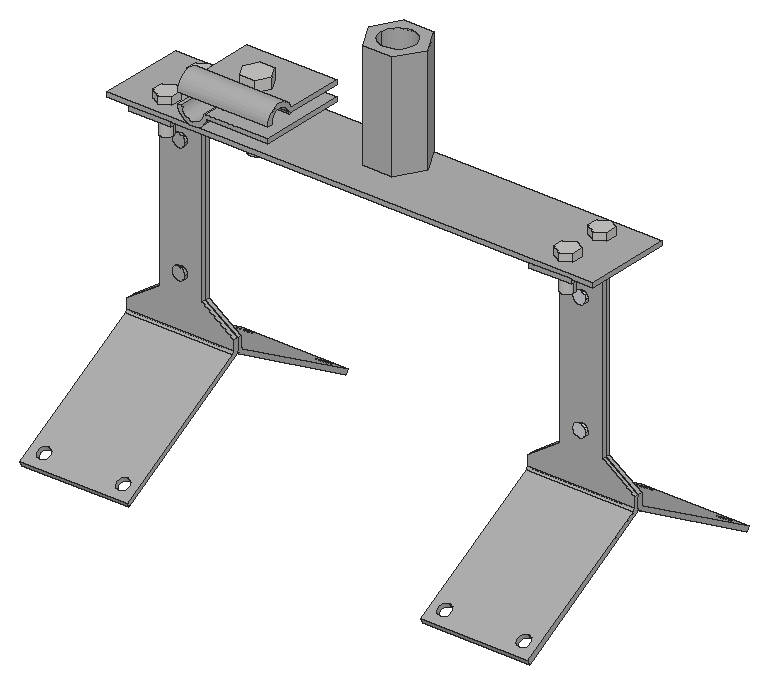
Revit family "DF_ДержательДляКонька_Молниеприемник_70865_EZETEK", category Соединительные детали воздуховодов, Revit 2017
Family settings
  Размер круглого соединителя = Использовать радиус
  Тип детали = Соединение
  На основе рабочей плоскости = Нет
  Всегда вертикально = Да
  При загрузке вырезать с полостями = Нет
  Общий = Нет
Parameters (values of type "ДержательДляКонька_Молниеприемник_70865")
  Угол = 0.00°  # constant formula
  СфераОшибки [instance] = or(ADSK_Размер_Радиус > 8.0 mm, ADSK_Размер_Радиус < 8.0 mm)  # no
  Предупреждение [instance] = if(СфераОшибки, "Допустимый диаметр стержней: 8", "")  # ""
  Описание = "Держатель применяется для установки молниеприемника длиной до 2 м на простом коньке скатной кровли. Держатель закрепляется на кровле при помощи двух скоб для конька. Для установки молниеприемника держатель имеет втулку с внутренней резьбой М16."  # constant formula
  Производитель_Контакты = "ezetek@ezetek.ru"  # constant formula
  built-in parameter 1114242 [instance] = 1 = 0  # (empty or 0)
  Изготовитель = "Ezetek"  # constant formula
  URL = "https://ezetek.ru/"
  R_Error [instance] = 1.0 mm  # constant formula
  R [instance] = if(ADSK_Размер_Радиус > 8.0 mm, 8.0 mm, if(ADSK_Размер_Радиус < 8.0 mm, 8.0 mm, R_Error))  # 1.0 mm
  ADSK_Этаж [instance] = ""
  ADSK_Размер_Радиус [instance] = 8.0 mm
  ADSK_Размер_Диаметр [instance] = ADSK_Размер_Радиус * 2  # 16.0 mm
  ADSK_Примечание [instance] = "Неспецифицируемое"  # constant formula
  ADSK_Позиция [instance] = "Неспецифицируемое"  # constant formula
  ADSK_Обозначение = "Неспецифицируемое"  # constant formula
  ADSK_Наименование краткое [instance] = "Неспецифицируемое"  # constant formula
  ADSK_Наименование = "Неспецифицируемое"  # constant formula
  ADSK_Материал = BIMLIB_Сталь_Оцинкованная_EZETEK
  ADSK_Масса_Текст = "Неспецифицируемое"  # constant formula
  ADSK_Масса = 0  # constant formula
  ADSK_Марка = "Неспецифицируемое"  # constant formula
  ADSK_Количество = 0  # constant formula
  ADSK_Код изделия = "Неспецифицируемое"  # constant formula
  ADSK_Завод-изготовитель = "Неспецифицируемое"  # constant formula
  ADSK_Единица измерения = "Неспецифицируемое"  # constant formula
  ADSK_Группирование [instance] = ""
  ADSK_Версия Revit = "2017"  # constant formula
Reference planes
  plane 1 "По центру (Вперед/Назад)": y = 0
  plane 2: z = 0
  plane 3 "По центру (Влево/Вправо)": x = 0
  plane 4 "M": y = 0
Forms (mm)
  Revolve 1, solid, visible <- "СфераОшибки"
    sketch origin (0, 0, 0) x (1, 0, 0) y (0, 1, 0)
      loop
        arc (1, 0) -> (0, 1) -> (-1, 0) r 1
        line (-1, 0) -> (1, 0)
      axis (1, 0) -> (-1, 0)
    angle from 0 to 360
Lines and regions (mm)
  reference lines
    curve 1: line (-1, 0, 0) -> (1, 0, 0)
Dimensions and locks
  "R_Error": radius of Revolve 1 sketch curve
  aligned and locked: level to plane 2
  aligned and locked: plane 1 "По центру (Вперед/Назад)" to Revolve 1 sketch curve  (x2)
  aligned and locked: Revolve 1 sketch curve to plane 4 "M"
Automatic sketch dimensions
  curve 1 to plane 3 "По центру (Влево/Вправо)" = 1.0 mm
  curve 1 to plane 1 "По центру (Вперед/Назад)" = 0.0 mm
  plane 3 "По центру (Влево/Вправо)" to curve 1 = 1.0 mm
  Revolve 1 sketch curve to plane 3 "По центру (Влево/Вправо)" = 0.0 mm
  Revolve 1 sketch curve to Revolve 1 sketch curve = 0.294 mm
  Revolve 1 sketch curve to Revolve 1 sketch curve = 5.119 mm
Nested families
  nested 1: "FA_ДержательДляКонька_Молниеприемник_70865_EZETEK.rfa" at (60, 13.002, -10.312), ADSK_Группирование <- "ADSK_Группирование", ADSK_Этаж <- "ADSK_Этаж", type "ДержательДляКонька_Молниеприемник_70865", detail levels medium+fine
    with Использовать масштаб аннотаций 0, ADSK_Этаж "", ADSK_Примечание "", ADSK_Позиция "", ADSK_Наименование краткое "Держатель молниеприемника", ADSK_Группирование ""
Connectors
  hvac at (-1, 0, 0), driven by "ADSK_Размер_Радиус", driven by "Угол"
    settings: on curve 1, index 1, duct flow 0.0 L/s, flow factor 0, pres drop 0.0 Pa, loss coef 0, conn angle 0.00°, conn width 304.8 mm, conn height 304.8 mm, conn diameter 16 mm, duct sys type 1, conn prof type 0, flow config 0, flow direction 0, loss method 0, conn ref index 2, conn util no, is conn primary yes, conn desc ""
  hvac at (1, 0, 0), driven by "ADSK_Размер_Радиус", driven by "Угол"
    settings: on curve 1, index 2, duct flow 0.0 L/s, flow factor 0, pres drop 0.0 Pa, loss coef 0, conn angle 0.00°, conn width 304.8 mm, conn height 304.8 mm, conn diameter 16 mm, duct sys type 1, conn prof type 0, flow config 0, flow direction 0, loss method 0, conn ref index 1, conn util no, is conn primary no, conn desc ""
Definition of nested family "FA_ДержательДляКонька_Молниеприемник_70865_EZETEK.rfa"
  Parameters (values of type "ДержательДляКонька_Молниеприемник_70865")
    Производитель_Контакты = "ezetek@ezetek.ru"  # constant formula
    Description = "Держатель применяется для установки молниеприемника длиной до 2 м на простом коньке скатной кровли. Держатель закрепляется на кровле при помощи двух скоб для конька. Для установки молниеприемника держатель имеет втулку с внутренней резьбой М16."  # constant formula
    Использовать масштаб аннотаций [instance] = 1 = 0  # 0
    Manufacturer = "Ezetek"  # constant formula
    URL = "https://ezetek.ru/"
    ADSK_Этаж [instance] = ""
    ADSK_Примечание [instance] = ""
    ADSK_Позиция [instance] = ""
    ADSK_Обозначение = "70865"
    ADSK_Наименование краткое [instance] = "Держатель молниеприемника"
    ADSK_Наименование = "Держатель молниеприемника 16 мм для конька, оцинк."
    ADSK_Материал = none
    ADSK_Масса_Текст = "0.87"  # constant formula
    ADSK_Масса = 0.87  # constant formula
    ADSK_Марка = "70865"
    ADSK_Количество = 1  # constant formula
    ADSK_Код изделия = "70865"
    ADSK_Завод-изготовитель = "Ezetek"  # constant formula
    ADSK_Единица измерения = "шт."  # constant formula
    ADSK_Группирование [instance] = ""
    ADSK_Версия Revit = "2017"  # constant formula
  Reference planes
    plane 1 "По центру (Вперед/Назад)": y = 0
    plane 2: z = 0
    plane 3 "По центру (Влево/Вправо)": x = 0
    plane 4: x = -118.523
    plane 5: x = 118.523
    plane 6: z = -138.8
    plane 7: y = 64.339
    plane 8: y = -62.386
    plane 9: z = -2
    plane 10: z = 50
    plane 11: y = 20
    plane 12: y = -20
    plane 13: x = -59.437
    plane 14: x = -59.262
    plane 15: x = -111.989
    plane 16: x = -74.989
    plane 17: x = -93.528
    plane 18: y = 10
    plane 19: y = -10
  Forms (mm)
    Extrusion 1, solid, material <- "ADSK_Материал", detail levels medium+fine
      sketch origin (0, 0, 0) x (1, 0, 0) y (0, 1, 0)
        loop
          line (-113.523, 20) -> (-113.523, -20) -> (113.523, -20) -> (113.523, 20) -> (-113.523, 20)
      from 0 to -2
    Extrusion 2, solid, detail levels medium+fine
      sketch origin (-59.34, 0, 0) x (1, 0, 0) y (0, 1, 0)
        loop
          circle (0.078, 0) r 4.007
      from 11.994 to -14.474
    Extrusion 3, solid, material <- "ADSK_Материал", detail levels medium+fine
      sketch origin (-59.34, 0, 9.5) x (1, 0, 0) y (0, 0, 1)
        loop
          arc (-8.042, -2.5) -> (-8.717, -2.746) -> (-9.076, -3.367) r 1.049
          arc (-9.076, -3.367) -> (-14.435, -7.481) -> (-19, -2.5) r 5
          line (-19, -2.5) -> (-21, -2.5)
          arc (-21, -2.5) -> (-15.236, -9.39) -> (-7.437, -4.934) r 7
          arc (-7.437, -4.934) -> (-7.193, -4.619) -> (-6.813, -4.5) r 0.665
          line (-6.813, -4.5) -> (21.078, -4.5) -> (21.078, -2.5) -> (-8.042, -2.5)
      from 20.103 to -20
    Extrusion 4, solid, material <- "ADSK_Материал", detail levels medium+fine
      sketch origin (-59.34, 0, 9.5) x (0, 1, 0) y (0, 0, 1)
        loop
          line (-7.042, 2.494) -> (20, 2.494) -> (20, 4.494) -> (-5.813, 4.494)
          arc (-5.813, 4.494) -> (-6.193, 4.613) -> (-6.437, 4.928) r 0.665
          arc (-6.437, 4.928) -> (-14.236, 9.384) -> (-20, 2.494) r 7
          line (-20, 2.494) -> (-18, 2.494)
          arc (-18, 2.494) -> (-13.435, 7.475) -> (-8.076, 3.362) r 5
          arc (-8.076, 3.362) -> (-7.717, 2.74) -> (-7.042, 2.494) r 1.049
      from 21 to -21
    Extrusion 5, solid, detail levels medium+fine
      sketch origin (-7.34, 0, 10.994) x (1, 0, 0) y (0, 1, 0)
        loop
          line (-55.454, 5.982) -> (-58.907, 0) -> (-55.454, -5.982) -> (-48.468, -5.982) -> (-45.015, 0) -> (-48.468, 5.982) -> (-55.454, 5.982)
      from 3 to 8
    Extrusion 6, solid, detail levels medium+fine
      sketch origin (-7.34, 0, -3) x (1, 0, 0) y (0, 1, 0)
        loop
          line (-55.454, 5.982) -> (-58.907, 0) -> (-55.454, -5.982) -> (-48.468, -5.982) -> (-45.015, 0) -> (-48.468, 5.982) -> (-55.454, 5.982)
      from 3 to 8
    Extrusion 7, solid, material <- "ADSK_Материал", detail levels medium+fine
      sketch origin (0, 0, 0) x (1, 0, 0) y (0, 1, 0)
        loop
          circle (0, 7.999) r 8
        loop
          line (-6.929, 20) -> (-13.858, 7.999) -> (-6.929, -4.003) -> (6.929, -4.003) -> (13.858, 7.999) -> (6.929, 20) -> (-6.929, 20)
      from 50 to 0
    Extrusion 8, solid, detail levels medium+fine
      sketch origin (-7.34, 0, -10) x (1, 0, 0) y (0, 1, 0)
        loop
          line (-55.454, 5.982) -> (-58.907, 0) -> (-55.454, -5.982) -> (-48.468, -5.982) -> (-45.015, 0) -> (-48.468, 5.982) -> (-55.454, 5.982)
      from 3 to 8
    Extrusion 9, solid, material <- "ADSK_Материал", detail levels medium+fine
      sketch origin (0, 0, 0) x (0, 1, 0) y (0, 0, 1)
        loop
          line (20, -2) -> (3, -2)
          arc (3, -2) -> (0.879, -2.879) -> (0, -5) r 3
          line (0, -5) -> (0, -100.499)
          arc (0, -100.499) -> (0.402, -101.999) -> (1.5, -103.097) r 3
          line (1.5, -103.097) -> (63.339, -138.8) -> (64.339, -137.068) -> (2.755, -101.513)
          arc (2.755, -101.513) -> (2.202, -100.96) -> (2, -100.204) r 1.51
          line (2, -100.204) -> (2, -5.5)
          arc (2, -5.5) -> (2.439, -4.439) -> (3.5, -4) r 1.5
          line (3.5, -4) -> (20, -4) -> (20, -2)
      from -68.533 to -118.523
    Extrusion 10, solid, material <- "ADSK_Материал", detail levels medium+fine
      sketch origin (0, 0, 0) x (0, -1, 0) y (0, 0, -1)
        loop
          line (20, 2) -> (20, 4) -> (3.5, 4)
          arc (3.5, 4) -> (2.439, 4.439) -> (2, 5.5) r 1.5
          line (2, 5.5) -> (2, 100.204)
          arc (2, 100.204) -> (2.202, 100.96) -> (2.755, 101.513) r 1.51
          line (2.755, 101.513) -> (64.339, 137.068) -> (63.339, 138.8) -> (1.5, 103.097)
          arc (1.5, 103.097) -> (0.402, 101.999) -> (0, 100.499) r 3
          line (0, 100.499) -> (0, 5)
          arc (0, 5) -> (0.879, 2.879) -> (3, 2) r 3
          line (3, 2) -> (20, 2)
      from -68.533 to -118.523
    Extrusion 11, solid, material <- "ADSK_Материал", detail levels medium+fine
      sketch origin (0, 0, 0) x (0, 1, 0) y (0, 0, -1)
        loop
          line (20, 2) -> (20, 4) -> (3.5, 4)
          arc (3.5, 4) -> (2.439, 4.439) -> (2, 5.5) r 1.5
          line (2, 5.5) -> (2, 100.204)
          arc (2, 100.204) -> (2.202, 100.96) -> (2.755, 101.513) r 1.51
          line (2.755, 101.513) -> (64.339, 137.068) -> (63.339, 138.8) -> (1.5, 103.097)
          arc (1.5, 103.097) -> (0.402, 101.999) -> (0, 100.499) r 3
          line (0, 100.499) -> (0, 5)
          arc (0, 5) -> (0.879, 2.879) -> (3, 2) r 3
          line (3, 2) -> (20, 2)
      from -68.533 to -118.523
    Extrusion 12, solid, material <- "ADSK_Материал", detail levels medium+fine
      sketch origin (0, 0, 0) x (0, -1, 0) y (0, 0, 1)
        loop
          line (20, -2) -> (3, -2)
          arc (3, -2) -> (0.879, -2.879) -> (0, -5) r 3
          line (0, -5) -> (0, -100.499)
          arc (0, -100.499) -> (0.402, -101.999) -> (1.5, -103.097) r 3
          line (1.5, -103.097) -> (63.339, -138.8) -> (64.339, -137.068) -> (2.755, -101.513)
          arc (2.755, -101.513) -> (2.202, -100.96) -> (2, -100.204) r 1.51
          line (2, -100.204) -> (2, -5.5)
          arc (2, -5.5) -> (2.439, -4.439) -> (3.5, -4) r 1.5
          line (3.5, -4) -> (20, -4) -> (20, -2)
      from -68.533 to -118.523
    Extrusion 13, void, detail levels fine
      sketch origin (0, 0, 0) x (1, 0, 0) y (0, 0, 1)
        loop
          line (-103.429, -85.173) -> (-103.429, -2) -> (-118.523, -2) -> (-118.523, -95.743) -> (-103.429, -85.173)
        loop
          line (-83.627, -85.173) -> (-68.533, -95.743) -> (-68.533, -2) -> (-83.627, -2) -> (-83.627, -85.173)
        loop
          line (103.429, -85.173) -> (118.523, -95.743) -> (118.523, -2) -> (103.429, -2) -> (103.429, -85.173)
        loop
          line (83.627, -85.173) -> (83.627, -2) -> (68.533, -2) -> (68.533, -95.743) -> (83.627, -85.173)
      from 20 to -20
    Extrusion 14, solid, detail levels medium+fine
      sketch origin (-93.606, 9.182, 0) x (1, 0, 0) y (0, 1, 0)
        loop
          circle (0.078, 0.818) r 3
        loop
          circle (0.078, -19.182) r 3
        loop
          circle (187.134, 0.818) r 3
        loop
          circle (187.134, -19.182) r 3
      from -4 to -14.474
    Extrusion 15, solid, detail levels medium+fine
      sketch origin (-41.567, 9.171, -14.006) x (1, 0, 0) y (0, 1, 0)
        loop
          line (-51.961, 6.031) -> (-56.466, 3.43) -> (-56.466, -1.772) -> (-51.961, -4.373) -> (-47.456, -1.772) -> (-47.456, 3.43) -> (-51.961, 6.031)
      from 17.549 to 14.006
    Extrusion 16, solid, detail levels medium+fine
      sketch origin (-41.567, -10.829, -14.006) x (1, 0, 0) y (0, 1, 0)
        loop
          line (-51.961, 6.031) -> (-56.466, 3.43) -> (-56.466, -1.772) -> (-51.961, -4.373) -> (-47.456, -1.772) -> (-47.456, 3.43) -> (-51.961, 6.031)
      from 17.549 to 14.006
    Extrusion 17, solid, detail levels medium+fine
      sketch origin (41.567, 9.171, -14.006) x (-1, 0, 0) y (0, -1, 0)
        loop
          line (-51.961, -6.031) -> (-47.456, -3.43) -> (-47.456, 1.772) -> (-51.961, 4.373) -> (-56.466, 1.772) -> (-56.466, -3.43) -> (-51.961, -6.031)
      from 17.549 to 14.006
    Extrusion 18, solid, detail levels medium+fine
      sketch origin (41.567, -10.829, -14.006) x (-1, 0, 0) y (0, -1, 0)
        loop
          line (-51.961, -6.031) -> (-47.456, -3.43) -> (-47.456, 1.772) -> (-51.961, 4.373) -> (-56.466, 1.772) -> (-56.466, -3.43) -> (-51.961, -6.031)
      from 17.549 to 14.006
    Extrusion 19, solid, detail levels medium+fine
      sketch origin (-41.567, 9.171, -21.549) x (1, 0, 0) y (0, 1, 0)
        loop
          line (-51.961, 6.031) -> (-56.466, 3.43) -> (-56.466, -1.772) -> (-51.961, -4.373) -> (-47.456, -1.772) -> (-47.456, 3.43) -> (-51.961, 6.031)
      from 17.549 to 14.006
    Extrusion 20, solid, detail levels medium+fine
      sketch origin (-41.567, -10.829, -21.549) x (1, 0, 0) y (0, 1, 0)
        loop
          line (-51.961, 6.031) -> (-56.466, 3.43) -> (-56.466, -1.772) -> (-51.961, -4.373) -> (-47.456, -1.772) -> (-47.456, 3.43) -> (-51.961, 6.031)
      from 17.549 to 14.006
    Extrusion 21, solid, detail levels medium+fine
      sketch origin (41.567, 9.171, -21.549) x (-1, 0, 0) y (0, -1, 0)
        loop
          line (-51.961, -6.031) -> (-47.456, -3.43) -> (-47.456, 1.772) -> (-51.961, 4.373) -> (-56.466, 1.772) -> (-56.466, -3.43) -> (-51.961, -6.031)
      from 17.549 to 14.006
    Extrusion 22, solid, detail levels medium+fine
      sketch origin (41.567, -10.829, -21.549) x (-1, 0, 0) y (0, -1, 0)
        loop
          line (-51.961, -6.031) -> (-47.456, -3.43) -> (-47.456, 1.772) -> (-51.961, 4.373) -> (-56.466, 1.772) -> (-56.466, -3.43) -> (-51.961, -6.031)
      from 17.549 to 14.006
    Extrusion 23, solid, material <- "ADSK_Материал", detail levels medium+fine
      sketch origin (0, 0, 0) x (1, 0, 0) y (0, 0, 1)
        loop
          circle (-93.528, -20.425) r 3
        loop
          circle (-93.528, -76.127) r 3
      from 3.036 to -3.036
    Extrusion 24, solid, detail levels medium+fine
      sketch origin (0, 0, 0) x (-1, 0, 0) y (0, 0, -1)
        loop
          circle (-93.528, 20.425) r 3
        loop
          circle (-93.528, 76.127) r 3
      from 3.036 to -3.036
    Extrusion 25, void, detail levels fine
      sketch origin (0, -1, -100.499) x (0, 0.866025, 0.5) y (1, 0, 0)
        loop
          circle (-66.258, -111.989) r 3
        loop
          circle (-66.258, -75.067) r 3
      from 2 to 0
    Extrusion 26, void, detail levels fine
      sketch origin (0, 1, -100.499) x (0, -0.866025, 0.5) y (-1, 0, 0)
        loop
          circle (-66.258, 111.989) r 3
        loop
          circle (-66.258, 75.067) r 3
      from 2 to 0
    Extrusion 27, void, detail levels fine
      sketch origin (0, -1, -100.499) x (0, 0.866025, 0.5) y (1, 0, 0)
        loop
          circle (-66.258, 111.989) r 3
        loop
          circle (-66.258, 75.067) r 3
      from 2 to 0
    Extrusion 28, void, detail levels fine
      sketch origin (0, 1, -100.499) x (0, -0.866025, 0.5) y (-1, 0, 0)
        loop
          circle (-66.258, -111.989) r 3
        loop
          circle (-66.258, -75.067) r 3
      from 2 to 0
    Extrusion 29, solid, detail levels medium+fine
      sketch origin (0, -1.976, -52) x (1, 0, 0) y (0, 1, 0)
        loop
          line (-5.774, 20) -> (-11.547, 10) -> (-5.774, 0) -> (5.774, 0) -> (11.547, 10) -> (5.774, 20) -> (-5.774, 20)
      from 50 to 40
  Cuts and joins
    Extrusion 13 cuts Extrusion 1
    Extrusion 13, Extrusion 26, Extrusion 28 cuts Extrusion 9
    Extrusion 13, Extrusion 25, Extrusion 26, Extrusion 27 cuts Extrusion 10
    Extrusion 25, Extrusion 26, Extrusion 27 cuts Extrusion 23
    joined: Extrusion 10, Extrusion 23
    Extrusion 13, Extrusion 28 cuts Extrusion 11
    Extrusion 13, Extrusion 27 cuts Extrusion 12
  Dimensions and locks
    equal spacing: plane 5, plane 3 "По центру (Влево/Вправо)", plane 4
    plane 5 to plane 4 = 237.046 mm
    plane 7 to plane 1 "По центру (Вперед/Назад)" to plane 8 = 64.339 mm, 62.386 mm
    plane 8 to plane 7 = 126.725 mm
    locked: plane 2 to plane 9 at 2
    locked: plane 10 to plane 2 at 50
    locked: plane 10 to plane 6 at 188.8
    equal spacing: plane 12, plane 1 "По центру (Вперед/Назад)", plane 11
    plane 12 to plane 11 = 40.0 mm
    equal spacing: plane 4, plane 14, plane 3 "По центру (Влево/Вправо)"
    locked: Extrusion 3 sketch curve to Extrusion 3 sketch curve at 2
    locked: Extrusion 4 sketch curve to Extrusion 4 sketch curve at 2
    locked: Extrusion 9 sketch curve to plane 9 at 2
    locked: Extrusion 9 to plane 4 at 49.99
    plane 16 to plane 15 = 37.0 mm
    plane 15 to plane 4 = 6.534 mm
    Extrusion 9 to plane 16 = 6.456 mm
    plane 12 to plane 19 to plane 1 "По центру (Вперед/Назад)" to plane 18 to plane 11 = 10.0 mm, 10.0 mm, 10.0 mm, 10.0 mm
    locked: Extrusion 23 to cut or joined group of Extrusion 9, Extrusion 13, Extrusion 26, Extrusion 28 at 1.036
    locked: cut or joined group of Extrusion 10, Extrusion 13, Extrusion 23, Extrusion 25, Extrusion 26, Extrusion 27 to Extrusion 23 at 1.036
    radius of Extrusion 3 = 5.0 mm
    diameter of Extrusion 2 = 8.013 mm
    diameter of Extrusion 14 = 6.0 mm
    diameter of Extrusion 7 = 16.0 mm
    angle cut or joined group of Extrusion 9, Extrusion 13, Extrusion 26, Extrusion 28 to cut or joined group of Extrusion 10, Extrusion 13, Extrusion 23, Extrusion 25, Extrusion 26, Extrusion 27 = 120.00°
    aligned and locked: level to plane 2
    aligned and locked: plane 9 to Extrusion 1
    aligned and locked: plane 2 to Extrusion 1
    aligned and locked: Extrusion 3 to Extrusion 4
    aligned and locked: Extrusion 7 to plane 10
    aligned and locked: Extrusion 7 to plane 2
    aligned and locked: plane 9 to Extrusion 9 sketch curve
    aligned and locked: Extrusion 9 to plane 4
    aligned and locked: Extrusion 13 to plane 12
    aligned and locked: Extrusion 13 to plane 11
    aligned and locked: Extrusion 10 to Extrusion 25  (x2)
  Automatic sketch dimensions
    Extrusion 1 sketch curve to plane 12 = 0.0 mm
    plane 11 to Extrusion 1 sketch curve = 0.0 mm
    Extrusion 1 sketch curve to plane 15 = 1.534 mm
    plane 5 to Extrusion 1 sketch curve = 5.0 mm
    plane 1 "По центру (Вперед/Назад)" to Extrusion 2 sketch curve = 0.0 mm
    Extrusion 2 sketch curve to plane 14 = 0.0 mm
    Extrusion 3 sketch curve to Extrusion 3 sketch curve = 0.0 mm  (x2)
    Extrusion 3 sketch curve to plane 16 = 5.351 mm
    Extrusion 3 sketch curve to Extrusion 3 sketch curve = 2.0 mm
    plane 16 to Extrusion 3 sketch curve = 1.649 mm
    Extrusion 3 sketch curve to Extrusion 3 sketch curve = 5.958 mm
    Extrusion 3 sketch curve to Extrusion 3 sketch curve = 1.229 mm
    level to Extrusion 3 sketch curve = 7.0 mm  (x2)
    plane 14 to Extrusion 3 sketch curve = 21.0 mm
    Extrusion 3 sketch curve to Extrusion 3 sketch curve = 0.665 mm
    Extrusion 3 sketch curve to Extrusion 3 sketch curve = 1.049 mm
    Extrusion 4 sketch curve to Extrusion 4 sketch curve = 0.0 mm  (x3)
    Extrusion 4 sketch curve to plane 11 = 0.0 mm
    Extrusion 4 sketch curve to plane 19 = 4.187 mm
    Extrusion 4 sketch curve to Extrusion 4 sketch curve = 1.229 mm
    plane 19 to Extrusion 4 sketch curve = 3.0 mm
    plane 12 to Extrusion 4 sketch curve = 2.0 mm
    plane 12 to Extrusion 4 sketch curve = 0.0 mm
    level to Extrusion 4 sketch curve = 11.994 mm
    Extrusion 4 sketch curve to Extrusion 4 sketch curve = 1.049 mm
    Extrusion 4 sketch curve to Extrusion 4 sketch curve = 0.665 mm
    plane 1 "По центру (Вперед/Назад)" to Extrusion 5 sketch curve = 0.0 mm  (x2)
    Extrusion 5 sketch curve to plane 13 = 6.81 mm
    Extrusion 5 sketch curve to plane 13 = 3.356 mm  (x2)
    plane 14 to Extrusion 5 sketch curve = 3.454 mm  (x2)
    Extrusion 5 sketch curve to Extrusion 5 sketch curve = 3.454 mm
    Extrusion 5 sketch curve to plane 19 = 4.018 mm
    Extrusion 5 sketch curve to plane 18 = 4.018 mm
    plane 1 "По центру (Вперед/Назад)" to Extrusion 6 sketch curve = 0.0 mm  (x2)
    Extrusion 6 sketch curve to plane 13 = 6.81 mm
    Extrusion 6 sketch curve to plane 13 = 3.356 mm  (x2)
    plane 14 to Extrusion 6 sketch curve = 3.454 mm  (x2)
    Extrusion 6 sketch curve to Extrusion 6 sketch curve = 3.454 mm
    Extrusion 6 sketch curve to plane 19 = 4.018 mm
    Extrusion 6 sketch curve to plane 18 = 4.018 mm
    plane 11 to Extrusion 7 sketch curve = 0.0 mm
    Extrusion 7 sketch curve to plane 3 "По центру (Влево/Вправо)" = 0.0 mm
    Extrusion 7 sketch curve to plane 3 "По центру (Влево/Вправо)" = 6.929 mm  (x2)
    Extrusion 7 sketch curve to plane 18 = 2.001 mm  (x3)
    Extrusion 7 sketch curve to Extrusion 7 sketch curve = 6.929 mm  (x2)
    plane 3 "По центру (Влево/Вправо)" to Extrusion 7 sketch curve = 6.929 mm  (x2)
    plane 1 "По центру (Вперед/Назад)" to Extrusion 7 sketch curve = 4.003 mm
    plane 1 "По центру (Вперед/Назад)" to Extrusion 8 sketch curve = 0.0 mm  (x2)
    Extrusion 8 sketch curve to plane 13 = 6.81 mm
    Extrusion 8 sketch curve to plane 13 = 3.356 mm  (x2)
    plane 14 to Extrusion 8 sketch curve = 3.454 mm  (x2)
    Extrusion 8 sketch curve to Extrusion 8 sketch curve = 3.454 mm
    Extrusion 8 sketch curve to plane 19 = 4.018 mm
    Extrusion 8 sketch curve to plane 18 = 4.018 mm
    Extrusion 9 sketch curve to plane 1 "По центру (Вперед/Назад)" = 0.0 mm
    Extrusion 9 sketch curve to plane 11 = 0.0 mm
    plane 6 to Extrusion 9 sketch curve = 0.0 mm
    Extrusion 9 sketch curve to plane 7 = 0.0 mm
    Extrusion 9 sketch curve to plane 1 "По центру (Вперед/Назад)" = 1.5 mm
    Extrusion 9 sketch curve to plane 1 "По центру (Вперед/Назад)" = 2.0 mm
    Extrusion 9 sketch curve to Extrusion 9 sketch curve = 0.755 mm
    Extrusion 9 sketch curve to plane 1 "По центру (Вперед/Назад)" = 3.0 mm
    Extrusion 9 sketch curve to Extrusion 9 sketch curve = 0.245 mm
    Extrusion 9 sketch curve to Extrusion 9 sketch curve = 0.5 mm
    Extrusion 9 sketch curve to Extrusion 9 sketch curve = 0.51 mm
    Extrusion 9 sketch curve to plane 7 = 1.0 mm
    Extrusion 9 sketch curve to Extrusion 9 sketch curve = 1.732 mm
    Extrusion 10 sketch curve to plane 1 "По центру (Вперед/Назад)" = 0.0 mm
    plane 9 to Extrusion 10 sketch curve = 0.0 mm
    Extrusion 10 sketch curve to plane 12 = 0.0 mm
    plane 6 to Extrusion 10 sketch curve = 0.0 mm
    Extrusion 10 sketch curve to plane 1 "По центру (Вперед/Назад)" = 1.5 mm
    Extrusion 10 sketch curve to plane 1 "По центру (Вперед/Назад)" = 2.0 mm
    Extrusion 10 sketch curve to Extrusion 10 sketch curve = 0.755 mm
    Extrusion 10 sketch curve to plane 1 "По центру (Вперед/Назад)" = 3.0 mm
    Extrusion 10 sketch curve to Extrusion 10 sketch curve = 0.245 mm
    Extrusion 10 sketch curve to Extrusion 10 sketch curve = 0.5 mm  (x2)
    Extrusion 10 sketch curve to Extrusion 10 sketch curve = 0.51 mm
    Extrusion 10 sketch curve to plane 8 = 0.953 mm
    plane 6 to Extrusion 10 sketch curve = 1.732 mm
    Extrusion 10 sketch curve to Extrusion 10 sketch curve = 1.0 mm
    Extrusion 11 sketch curve to plane 1 "По центру (Вперед/Назад)" = 0.0 mm
    plane 9 to Extrusion 11 sketch curve = 0.0 mm
    Extrusion 11 sketch curve to plane 11 = 0.0 mm
    plane 6 to Extrusion 11 sketch curve = 0.0 mm
    Extrusion 11 sketch curve to plane 7 = 0.0 mm
    Extrusion 11 sketch curve to plane 1 "По центру (Вперед/Назад)" = 1.5 mm
    Extrusion 11 sketch curve to plane 1 "По центру (Вперед/Назад)" = 2.0 mm
    Extrusion 11 sketch curve to Extrusion 11 sketch curve = 0.755 mm
    Extrusion 11 sketch curve to plane 1 "По центру (Вперед/Назад)" = 3.0 mm
    Extrusion 11 sketch curve to Extrusion 11 sketch curve = 1.0 mm  (x2)
    Extrusion 11 sketch curve to Extrusion 11 sketch curve = 0.5 mm
    Extrusion 11 sketch curve to Extrusion 11 sketch curve = 0.51 mm
    Extrusion 11 sketch curve to plane 7 = 1.0 mm
    Extrusion 11 sketch curve to plane 6 = 38.596 mm
    Extrusion 12 sketch curve to plane 1 "По центру (Вперед/Назад)" = 0.0 mm
    plane 9 to Extrusion 12 sketch curve = 0.0 mm
    Extrusion 12 sketch curve to plane 12 = 0.0 mm
    plane 6 to Extrusion 12 sketch curve = 0.0 mm
    plane 1 "По центру (Вперед/Назад)" to Extrusion 12 sketch curve = 1.5 mm
    plane 1 "По центру (Вперед/Назад)" to Extrusion 12 sketch curve = 2.0 mm
    Extrusion 12 sketch curve to Extrusion 12 sketch curve = 0.755 mm
    plane 1 "По центру (Вперед/Назад)" to Extrusion 12 sketch curve = 3.0 mm
    Extrusion 12 sketch curve to Extrusion 12 sketch curve = 0.245 mm
    Extrusion 12 sketch curve to Extrusion 12 sketch curve = 0.5 mm  (x2)
    Extrusion 12 sketch curve to Extrusion 12 sketch curve = 0.51 mm
    plane 8 to Extrusion 12 sketch curve = 0.953 mm
    Extrusion 12 sketch curve to plane 6 = 1.732 mm
    Extrusion 12 sketch curve to Extrusion 12 sketch curve = 1.0 mm
    Extrusion 13 sketch curve to plane 4 = 0.0 mm
    Extrusion 13 sketch curve to plane 9 = 0.0 mm  (x4)
    plane 5 to Extrusion 13 sketch curve = 0.0 mm
    plane 15 to Extrusion 13 sketch curve = 8.56 mm
    Extrusion 13 sketch curve to plane 16 = 8.639 mm
    plane 16 to Extrusion 13 sketch curve = 6.456 mm
    plane 5 to Extrusion 13 sketch curve = 49.99 mm
    Extrusion 13 sketch curve to Extrusion 13 sketch curve = 15.095 mm
    plane 5 to Extrusion 13 sketch curve = 15.095 mm
    Extrusion 13 sketch curve to plane 6 = 53.627 mm  (x2)
    Extrusion 13 sketch curve to Extrusion 13 sketch curve = 0.0 mm  (x2)
    Extrusion 13 sketch curve to Extrusion 13 sketch curve = 10.569 mm  (x4)
    Extrusion 14 sketch curve to plane 17 = 0.0 mm  (x2)
    plane 19 to Extrusion 14 sketch curve = 0.0 mm  (x2)
    Extrusion 14 sketch curve to plane 18 = 0.0 mm  (x2)
    plane 5 to Extrusion 14 sketch curve = 24.995 mm
    Extrusion 14 sketch curve to Extrusion 14 sketch curve = 0.0 mm
    Extrusion 15 sketch curve to plane 17 = 0.0 mm  (x2)
    plane 17 to Extrusion 15 sketch curve = 4.505 mm
    Extrusion 15 sketch curve to plane 17 = 4.505 mm
    Extrusion 15 sketch curve to plane 1 "По центру (Вперед/Назад)" = 4.798 mm
    Extrusion 15 sketch curve to plane 18 = 2.601 mm  (x2)
    plane 18 to Extrusion 15 sketch curve = 2.601 mm  (x2)
    plane 11 to Extrusion 15 sketch curve = 4.798 mm
    Extrusion 16 sketch curve to plane 17 = 0.0 mm  (x2)
    plane 17 to Extrusion 16 sketch curve = 4.505 mm
    Extrusion 16 sketch curve to plane 17 = 4.505 mm
    plane 12 to Extrusion 16 sketch curve = 4.798 mm
    plane 19 to Extrusion 16 sketch curve = 2.601 mm  (x2)
    Extrusion 16 sketch curve to plane 19 = 2.601 mm  (x2)
    plane 1 "По центру (Вперед/Назад)" to Extrusion 16 sketch curve = 4.798 mm
    plane 18 to Extrusion 17 sketch curve = 2.601 mm  (x2)
    plane 5 to Extrusion 17 sketch curve = 20.49 mm
    plane 11 to Extrusion 17 sketch curve = 4.798 mm
    Extrusion 17 sketch curve to Extrusion 17 sketch curve = 4.505 mm  (x3)
    Extrusion 17 sketch curve to plane 1 "По центру (Вперед/Назад)" = 4.798 mm
    Extrusion 17 sketch curve to plane 18 = 2.601 mm  (x2)
    Extrusion 18 sketch curve to plane 19 = 2.601 mm  (x2)
    plane 5 to Extrusion 18 sketch curve = 20.49 mm
    plane 1 "По центру (Вперед/Назад)" to Extrusion 18 sketch curve = 4.798 mm
    Extrusion 18 sketch curve to Extrusion 18 sketch curve = 4.505 mm  (x3)
    plane 12 to Extrusion 18 sketch curve = 4.798 mm
    plane 19 to Extrusion 18 sketch curve = 2.601 mm  (x2)
    Extrusion 19 sketch curve to plane 17 = 0.0 mm  (x2)
    plane 17 to Extrusion 19 sketch curve = 4.505 mm
    Extrusion 19 sketch curve to plane 17 = 4.505 mm
    Extrusion 19 sketch curve to plane 1 "По центру (Вперед/Назад)" = 4.798 mm
    Extrusion 19 sketch curve to plane 18 = 2.601 mm  (x2)
    plane 18 to Extrusion 19 sketch curve = 2.601 mm  (x2)
    plane 11 to Extrusion 19 sketch curve = 4.798 mm
    Extrusion 20 sketch curve to plane 17 = 0.0 mm  (x2)
    plane 17 to Extrusion 20 sketch curve = 4.505 mm
    Extrusion 20 sketch curve to plane 17 = 4.505 mm
    plane 12 to Extrusion 20 sketch curve = 4.798 mm
    plane 19 to Extrusion 20 sketch curve = 2.601 mm  (x2)
    Extrusion 20 sketch curve to plane 19 = 2.601 mm  (x2)
    plane 1 "По центру (Вперед/Назад)" to Extrusion 20 sketch curve = 4.798 mm
    plane 18 to Extrusion 21 sketch curve = 2.601 mm  (x2)
    plane 5 to Extrusion 21 sketch curve = 20.49 mm
    plane 11 to Extrusion 21 sketch curve = 4.798 mm
    Extrusion 21 sketch curve to Extrusion 21 sketch curve = 4.505 mm  (x3)
    Extrusion 21 sketch curve to plane 1 "По центру (Вперед/Назад)" = 4.798 mm
    Extrusion 21 sketch curve to plane 18 = 2.601 mm  (x2)
    Extrusion 22 sketch curve to plane 19 = 2.601 mm  (x2)
    plane 5 to Extrusion 22 sketch curve = 20.49 mm
    plane 1 "По центру (Вперед/Назад)" to Extrusion 22 sketch curve = 4.798 mm
    Extrusion 22 sketch curve to Extrusion 22 sketch curve = 4.505 mm  (x3)
    plane 12 to Extrusion 22 sketch curve = 4.798 mm
    plane 19 to Extrusion 22 sketch curve = 2.601 mm  (x2)
    plane 17 to Extrusion 23 sketch curve = 0.0 mm  (x2)
    Extrusion 23 sketch curve to plane 6 = 62.673 mm
    plane 9 to Extrusion 23 sketch curve = 18.425 mm
    Extrusion 24 sketch curve to plane 5 = 24.995 mm  (x2)
    plane 6 to Extrusion 24 sketch curve = 62.673 mm
    Extrusion 24 sketch curve to plane 9 = 18.425 mm
    Extrusion 25 sketch curve to Extrusion 10 = 6.879 mm  (x2)
    Extrusion 25 sketch curve to Extrusion 10 = 6.534 mm  (x2)
    Extrusion 26 sketch curve to plane 15 = 0.0 mm
    Extrusion 26 sketch curve to plane 16 = 0.079 mm
    Extrusion 26 sketch curve to Extrusion 26 sketch curve = 0.0 mm
    Extrusion 27 sketch curve to Extrusion 10 = 6.879 mm  (x2)
    Extrusion 10 to Extrusion 27 sketch curve = 143.6 mm
    Extrusion 27 sketch curve to Extrusion 27 sketch curve = 36.921 mm
    plane 5 to Extrusion 28 sketch curve = 43.456 mm
    plane 5 to Extrusion 28 sketch curve = 6.534 mm
    Extrusion 28 sketch curve to Extrusion 28 sketch curve = 0.0 mm
    Extrusion 29 sketch curve to plane 18 = 1.976 mm  (x2)
    Extrusion 29 sketch curve to plane 3 "По центру (Влево/Вправо)" = 11.547 mm
    plane 11 to Extrusion 29 sketch curve = 1.976 mm
    Extrusion 29 sketch curve to plane 3 "По центру (Влево/Вправо)" = 5.774 mm  (x2)
    plane 1 "По центру (Вперед/Назад)" to Extrusion 29 sketch curve = 1.976 mm
    plane 3 "По центру (Влево/Вправо)" to Extrusion 29 sketch curve = 5.774 mm  (x2)
    plane 3 "По центру (Влево/Вправо)" to Extrusion 29 sketch curve = 11.547 mm
    radius of Extrusion 2 sketch curve = 4.007 mm
    radius of Extrusion 7 sketch curve = 8.0 mm
    radius of Extrusion 14 sketch curve = 3.0 mm  (x4)
    radius of Extrusion 23 sketch curve = 3.0 mm  (x2)
    radius of Extrusion 24 sketch curve = 3.0 mm  (x2)
    radius of Extrusion 25 sketch curve = 3.0 mm  (x2)
    radius of Extrusion 26 sketch curve = 3.0 mm  (x2)
    radius of Extrusion 27 sketch curve = 3.0 mm  (x2)
    radius of Extrusion 28 sketch curve = 3.0 mm  (x2)
